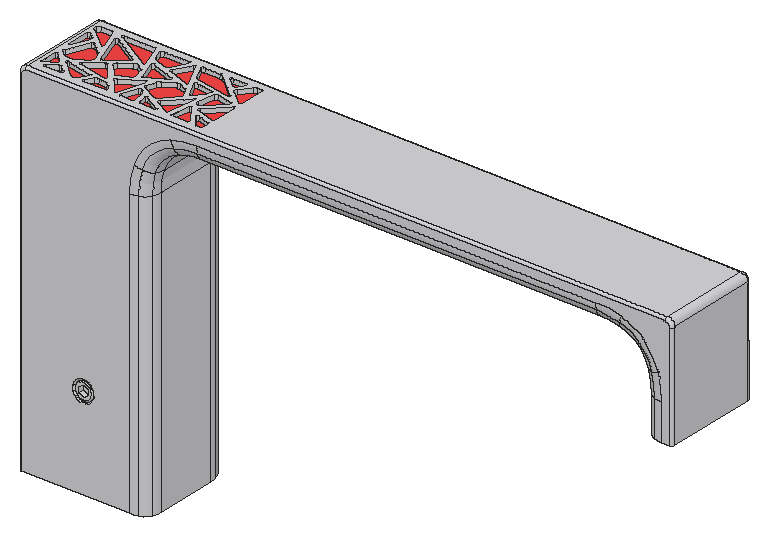
Revit family "Accessory-Tissue_Holder-KOHLER-STRAYT-K-37350X_1", category Specialty Equipment, host Face, Revit 2017
Family settings
  Host = Face
  Round Connector Dimension = Use Diameter
  Part Type = Normal
  OmniClass Number = 23.31.25.21
  OmniClass Title = Toilet Paper Dispensers
  Cut with Voids When Loaded = No
  Shared = No
  Room Calculation Point = No
Parameters (values of type "CP- Polished Chrome")
  Width = 6 97/256"  # constant formula
  WaterSense Certified = 1 = 0  # no
  URL = "https://www.kohler.co.th/"
  Type = 1
  Product Page URL = "https://www.kohler.co.th/productDetails/37350X?skuid=37350X-CP"
  Product Name = "STRAYT"  # constant formula
  Product Documentation Link = ""
  Model = "K-37350X-CP"  # constant formula
  Material = "Premium Metal Construction"  # constant formula
  Master Format 2014 Name = "Toilet, Bath, and Laundry Accessories"  # constant formula
  Master Format 2014 = "10 28 00"  # constant formula
  Manufacturer Address = "16th Floor, Jasmine City Building 2, Soi Sukhumvit 23, Sukhumvit Road, Khlong Toei Nuea, Watthana, Bangkok 10110"  # constant formula
  Manufacturer = "KOHLER Co."  # constant formula
  Length = 3 139/256"  # constant formula
  Height = 121/128"  # constant formula
  Finish = Kohler-Metal-CP-Polished_Chrome
  Environmental Product Declaration = ""
  Description = "Toilet paper holder"  # constant formula
  Default Elevation = 42"
  Declare Label = ""
  Date Modified = "08/27/2020"  # constant formula
  Date Created = "08/27/2020"  # constant formula
  Copyright = "Copyright KOHLER Co."  # constant formula
  Contact Us = "https://www.kohler.co.th/contact-us"
  Assembly Code = "C1030200"
  ADA Compliant = 1 = 0  # no
Reference planes (in)
  plane 1 "Center (Front/Back)": y = 0
  plane 2: z = 0
  plane 3 "Center (Left/Right)": x = 0
  plane 4: x = -3.18898
  plane 5: x = -1.92913
  plane 6: y = -0.47244
  plane 7: z = 3.54297
  plane 8: z = 2.44094
  plane 9: x = 3.18993
  plane 10: y = 0.47287
  plane 11: y = 0.44488
  plane 12: y = -0.44488
  plane 13: z = 3.43989
  plane 14: z = 3.26578
  plane 15: x = 3.08581
  plane 16: x = 2.9114
  plane 17: x = -2.10356
  plane 18: z = 3.51575
Dimensions and locks (in)
  level to plane 8 = 2.44094"
  plane 4 to plane 5 = 1.25984"
  "Width": plane 4 to plane 9
  "Length": plane 7 to level
  "Height": plane 10 to plane 6
  aligned and locked: plane 2 to host face
  aligned and locked: level to host face
Automatic sketch dimensions
  host sketch curve to host sketch curve = 96"  (x2)
Nested families (in)
  nested 1: "K-37350X" at (0, 0, 0), type "K-37350X"
Definition of nested family "K-37350X"
  Parameters (values of type "K-37350X")
    Material = none
  Reference planes (in)
    plane 1 "Center (Front/Back)": y = 0
    plane 2: z = 0
    plane 3 "Center (Left/Right)": x = 0
    plane 4: x = 3.18898
    plane 5: x = -3.18898
    plane 6: y = 0.47244
    plane 7: y = -0.47244
    plane 8: x = -1.92913
    plane 9: z = 3.54331
    plane 10: z = 2.44094
    plane 11: y = 0.44488
    plane 12: y = -0.44488
    plane 13: x = -3.16142
    plane 14: x = 3.16142
    plane 15: z = 3.51575
    plane 16: z = 3.43989
    plane 17: z = 3.26578
    plane 18: x = 3.08581
    plane 19: x = 2.9114
    plane 20: x = -2.10356
  Forms (in)
    Extrusion 1, solid, material <- "Material", detail levels medium+fine
      sketch origin (0, 0, 0) x (1, 0, 0) y (0, 0, 1)
        loop
          line (-3.16142, 3.47638) -> (-3.16142, 0) -> (-2.14766, 0) -> (-2.14766, 2.79667)
          arc (-2.14766, 2.79667) -> (-2.13656, 2.93642) -> (-2.10356, 3.07267) r 0.88577
          arc (-2.10356, 3.07267) -> (-1.95902, 3.30507) -> (-1.72362, 3.44468) r 0.57677
          arc (-1.72362, 3.44468) -> (-1.59176, 3.47442) -> (-1.45695, 3.48441) r 0.91487
          line (-1.45695, 3.48441) -> (2.44065, 3.48441)
          arc (2.44065, 3.48441) -> (2.57031, 3.47562) -> (2.69758, 3.44942) r 0.96078
          arc (2.69758, 3.44942) -> (2.94836, 3.30323) -> (3.09483, 3.05262) r 0.57087
          arc (3.09483, 3.05262) -> (3.12111, 2.92552) -> (3.12992, 2.79602) r 0.95565
          line (3.12992, 2.79602) -> (3.12992, 2.44094) -> (3.16142, 2.44094) -> (3.16142, 3.47638)
          arc (3.16142, 3.47638) -> (3.14989, 3.50422) -> (3.12205, 3.51575) r 0.03937
          line (3.12205, 3.51575) -> (-3.12205, 3.51575)
          arc (-3.12205, 3.51575) -> (-3.14989, 3.50422) -> (-3.16142, 3.47638) r 0.03937
      from -0.47244 to 0.47244
    Sweep 2, solid, material <- "Material", detail levels medium+fine
      path origin (0, 0, 0) x (1, 0, 0) y (0, 0, 1)
        loop
          line (-2.10828, 0) -> (-2.10828, 2.79667)
          arc (-2.10828, 2.79667) -> (-2.09768, 2.93021) -> (-2.06615, 3.0604) r 0.8464
          arc (-2.06615, 3.0604) -> (-1.93147, 3.27694) -> (-1.71214, 3.40702) r 0.5374
          arc (-1.71214, 3.40702) -> (-1.58596, 3.43548) -> (-1.45695, 3.44504) r 0.8755
          line (-1.45695, 3.44504) -> (2.44065, 3.44504)
          arc (2.44065, 3.44504) -> (2.56499, 3.43661) -> (2.68706, 3.41148) r 0.92141
          arc (2.68706, 3.41148) -> (2.92054, 3.27538) -> (3.0569, 3.04205) r 0.5315
          arc (3.0569, 3.04205) -> (3.0821, 2.92018) -> (3.09055, 2.79602) r 0.91628
          line (3.09055, 2.79602) -> (3.09055, 2.44094)
      profile origin (-2.10828, 0, 1.39834) x (-1, 0, 0) y (0, -1, 0)
        loop
          line (0.03937, 0.47244) -> (-0.00472, 0.47244)
          arc (-0.00472, 0.47244) -> (-0.04241, 0.46972) -> (-0.07931, 0.46162) r 0.26243
          arc (-0.07931, 0.46162) -> (-0.12757, 0.43524) -> (-0.16071, 0.39135) r 0.13071
          arc (-0.16071, 0.39135) -> (-0.17449, 0.35061) -> (-0.17915, 0.30787) r 0.19822
          line (-0.17915, 0.30787) -> (-0.17915, -0.29528)
          arc (-0.17915, -0.29528) -> (-0.17612, -0.33559) -> (-0.16708, -0.37499) r 0.26917
          arc (-0.16708, -0.37499) -> (-0.1341, -0.42925) -> (-0.07945, -0.46158) r 0.13071
          arc (-0.07945, -0.46158) -> (-0.04248, -0.46971) -> (-0.00472, -0.47244) r 0.26243
          line (-0.00472, -0.47244) -> (0.03937, -0.47244) -> (0.03937, 0.47244)
    Sweep 3, solid, material <- "Material", detail levels medium+fine
      path origin (0, 0, 0) x (1, 0, 0) y (0, 0, 1)
        loop
          line (3.16142, 2.44094) -> (3.16142, 3.47638)
          arc (3.16142, 3.47638) -> (3.14989, 3.50422) -> (3.12205, 3.51575) r 0.03937
          line (3.12205, 3.51575) -> (-3.12205, 3.51575)
          arc (-3.12205, 3.51575) -> (-3.14989, 3.50422) -> (-3.16142, 3.47638) r 0.03937
          line (-3.16142, 3.47638) -> (-3.16142, 0)
      profile origin (-3.16142, 0, 1.73819) x (0, -1, 0) y (1, 0, 0)
        loop
          arc (0.44488, -0.02756) -> (0.46437, -0.01949) -> (0.47244, 0) r 0.02756
          line (0.47244, 0) -> (0.47244, 0.03091) -> (-0.47244, 0.03091) -> (-0.47244, 0)
          arc (-0.47244, 0) -> (-0.46437, -0.01949) -> (-0.44488, -0.02756) r 0.02756
          line (-0.44488, -0.02756) -> (0.44488, -0.02756)
    Extrusion 4, void
      sketch origin (0, 0, 0) x (1, 0, 0) y (0, 0, 1)
        loop
          line (-2.60827, 0.93392) -> (-2.60827, 0.8771) -> (-2.55906, 0.84869) -> (-2.50984, 0.8771) -> (-2.50984, 0.93392) -> (-2.55906, 0.96234) -> (-2.60827, 0.93392)
      from 0.41339 to 0.47244
    Revolve 5, void
      sketch origin (-2.55906, 0, 0) x (0, 1, 0) y (0, 0, 1)
        loop
          line (-0.46034, 0.99631) -> (-0.48284, 1.01881) -> (-0.48284, 0.97381) -> (-0.46034, 0.99631)
        axis (-0.48284, 0.90551) -> (-0.44347, 0.90551)
      angle from 0 to 360
    Extrusion 6, solid, material <- "Material", detail levels coarse
      sketch origin (0, 0, 0) x (1, 0, 0) y (0, 0, 1)
        loop
          line (-3.18898, 3.54331) -> (-3.18898, 0) -> (-1.92913, 0) -> (-1.92913, 2.84418)
          arc (-1.92913, 2.84418) -> (-1.80565, 3.14229) -> (-1.50754, 3.26578) r 0.42159
          line (-1.50754, 3.26578) -> (2.5177, 3.26578)
          arc (2.5177, 3.26578) -> (2.79609, 3.15046) -> (2.9114, 2.87207) r 0.3937
          line (2.9114, 2.87207) -> (2.9114, 2.44094) -> (3.18898, 2.44094) -> (3.18898, 3.54331) -> (-3.18898, 3.54331)
      from -0.47244 to 0.47244
    Extrusion 7, void
      sketch origin (0, 0, 0) x (1, 0, 0) y (0, 1, 0)
        loop
          line (-1.49827, 0.37402) -> (-1.54479, 0.37402)
          arc (-1.54479, 0.37402) -> (-1.56089, 0.37003) -> (-1.57327, 0.359) r 0.0345
          line (-1.57327, 0.359) -> (-1.64309, 0.25698)
          arc (-1.64309, 0.25698) -> (-1.64822, 0.23586) -> (-1.63807, 0.21664) r 0.03068
          line (-1.63807, 0.21664) -> (-1.50603, 0.10018)
          arc (-1.50603, 0.10018) -> (-1.48688, 0.0973) -> (-1.47638, 0.11357) r 0.01785
          line (-1.47638, 0.11357) -> (-1.47638, 0.35213)
          arc (-1.47638, 0.35213) -> (-1.48279, 0.3676) -> (-1.49827, 0.37402) r 0.02189
        loop
          line (-1.789, 0.34976) -> (-1.70831, 0.27859)
          arc (-1.70831, 0.27859) -> (-1.68966, 0.27283) -> (-1.673, 0.28299) r 0.02375
          line (-1.673, 0.28299) -> (-1.62599, 0.35168)
          arc (-1.62599, 0.35168) -> (-1.62514, 0.3664) -> (-1.63777, 0.37402) r 0.01428
          line (-1.63777, 0.37402) -> (-1.77983, 0.37402)
          arc (-1.77983, 0.37402) -> (-1.7928, 0.36505) -> (-1.789, 0.34976) r 0.01386
        loop
          line (-1.61875, 0.1471) -> (-1.85737, 0.35756)
          arc (-1.85737, 0.35756) -> (-1.87763, 0.36976) -> (-1.90091, 0.37402) r 0.06582
          line (-1.90091, 0.37402) -> (-2.05174, 0.37402)
          arc (-2.05174, 0.37402) -> (-2.06901, 0.36431) -> (-2.06969, 0.3445) r 0.02022
          line (-2.06969, 0.3445) -> (-2.00213, 0.21403)
          arc (-2.00213, 0.21403) -> (-1.9915, 0.20145) -> (-1.97647, 0.19471) r 0.03711
          line (-1.97647, 0.19471) -> (-1.62965, 0.12513)
          arc (-1.62965, 0.12513) -> (-1.61577, 0.13194) -> (-1.61875, 0.1471) r 0.0127
        loop
          line (-1.54887, 0.06878) -> (-1.7041, 0.09991)
          arc (-1.7041, 0.09991) -> (-1.72226, 0.09607) -> (-1.73195, 0.08025) r 0.02348
          line (-1.73195, 0.08025) -> (-1.75503, -0.07978)
          arc (-1.75503, -0.07978) -> (-1.73569, -0.11668) -> (-1.69458, -0.10989) r 0.03556
          line (-1.69458, -0.10989) -> (-1.54148, 0.04454)
          arc (-1.54148, 0.04454) -> (-1.53794, 0.05886) -> (-1.54887, 0.06878) r 0.01439
        loop
          line (-1.84929, -0.03145) -> (-1.78775, 0.03571)
          arc (-1.78775, 0.03571) -> (-1.77866, 0.04923) -> (-1.77395, 0.06483) r 0.05466
          line (-1.77395, 0.06483) -> (-1.76707, 0.11255) -> (-1.94149, 0.14753)
          arc (-1.94149, 0.14753) -> (-1.95575, 0.14211) -> (-1.95702, 0.12692) r 0.01432
          line (-1.95702, 0.12692) -> (-1.87692, -0.02778)
          arc (-1.87692, -0.02778) -> (-1.86406, -0.03681) -> (-1.84929, -0.03145) r 0.017
        loop
          line (-1.98797, 0.10106) -> (-2.1146, 0.34562)
          arc (-2.1146, 0.34562) -> (-2.12772, 0.3536) -> (-2.14085, 0.34563) r 0.01478
          line (-2.14085, 0.34563) -> (-2.22471, 0.18399)
          arc (-2.22471, 0.18399) -> (-2.22551, 0.16889) -> (-2.21467, 0.15834) r 0.01831
          line (-2.21467, 0.15834) -> (-2.00432, 0.08241)
          arc (-2.00432, 0.08241) -> (-1.98978, 0.08616) -> (-1.98797, 0.10106) r 0.01332
        loop
          line (-2.2579, 0.2055) -> (-2.18342, 0.34908)
          arc (-2.18342, 0.34908) -> (-2.18398, 0.36581) -> (-2.19857, 0.37402) r 0.01708
          line (-2.19857, 0.37402) -> (-2.44708, 0.37402)
          arc (-2.44708, 0.37402) -> (-2.46399, 0.36529) -> (-2.46667, 0.34645) r 0.02075
          line (-2.46667, 0.34645) -> (-2.43546, 0.25676)
          arc (-2.43546, 0.25676) -> (-2.42437, 0.23896) -> (-2.4067, 0.22766) r 0.04756
          line (-2.4067, 0.22766) -> (-2.29985, 0.18909)
          arc (-2.29985, 0.18909) -> (-2.27579, 0.18941) -> (-2.2579, 0.2055) r 0.03419
        loop
          line (-2.06794, 0.04969) -> (-2.17579, -0.01274)
          arc (-2.17579, -0.01274) -> (-2.19072, -0.02565) -> (-2.19986, -0.04314) r 0.05277
          line (-2.19986, -0.04314) -> (-2.22415, -0.12346)
          arc (-2.22415, -0.12346) -> (-2.22347, -0.13865) -> (-2.21342, -0.15007) r 0.02291
          line (-2.21342, -0.15007) -> (-2.06225, -0.23484)
          arc (-2.06225, -0.23484) -> (-2.04582, -0.23777) -> (-2.03112, -0.22985) r 0.02538
          line (-2.03112, -0.22985) -> (-1.90797, -0.09548)
          arc (-1.90797, -0.09548) -> (-1.90049, -0.07944) -> (-1.90353, -0.06201) r 0.02948
          line (-1.90353, -0.06201) -> (-1.93497, -0.00128)
          arc (-1.93497, -0.00128) -> (-1.94857, 0.01608) -> (-1.96756, 0.02728) r 0.05941
          line (-1.96756, 0.02728) -> (-2.03724, 0.05244)
          arc (-2.03724, 0.05244) -> (-2.0529, 0.05446) -> (-2.06794, 0.04969) r 0.03652
        loop
          line (-1.81614, -0.05354) -> (-1.99364, -0.24723)
          arc (-1.99364, -0.24723) -> (-1.99827, -0.26267) -> (-1.98905, -0.27589) r 0.01852
          line (-1.98905, -0.27589) -> (-1.8562, -0.35039)
          arc (-1.8562, -0.35039) -> (-1.84103, -0.35079) -> (-1.83212, -0.33852) r 0.01628
          line (-1.83212, -0.33852) -> (-1.79263, -0.06467)
          arc (-1.79263, -0.06467) -> (-1.80027, -0.05043) -> (-1.81614, -0.05354) r 0.01361
        loop
          line (-1.76929, -0.17867) -> (-1.79426, -0.35178)
          arc (-1.79426, -0.35178) -> (-1.78971, -0.3673) -> (-1.775, -0.37402) r 0.01946
          line (-1.775, -0.37402) -> (-1.62949, -0.37402)
          arc (-1.62949, -0.37402) -> (-1.61258, -0.36354) -> (-1.61444, -0.34373) r 0.01888
          line (-1.61444, -0.34373) -> (-1.74437, -0.17224)
          arc (-1.74437, -0.17224) -> (-1.75897, -0.16716) -> (-1.76929, -0.17867) r 0.01395
        loop
          line (-1.63008, -0.25788) -> (-1.54209, -0.37402) -> (-1.49895, -0.37402)
          arc (-1.49895, -0.37402) -> (-1.48299, -0.36741) -> (-1.47638, -0.35145) r 0.02257
          line (-1.47638, -0.35145) -> (-1.47638, -0.30592)
          arc (-1.47638, -0.30592) -> (-1.48184, -0.28894) -> (-1.49619, -0.27833) r 0.02912
          line (-1.49619, -0.27833) -> (-1.61576, -0.23798)
          arc (-1.61576, -0.23798) -> (-1.63027, -0.24264) -> (-1.63008, -0.25788) r 0.01283
        loop
          line (-1.67329, -0.17701) -> (-1.49994, -0.23551)
          arc (-1.49994, -0.23551) -> (-1.48382, -0.23309) -> (-1.47638, -0.21859) r 0.01785
          line (-1.47638, -0.21859) -> (-1.47641, 0.02146)
          arc (-1.47641, 0.02146) -> (-1.48477, 0.03394) -> (-1.4995, 0.03096) r 0.0135
          line (-1.4995, 0.03096) -> (-1.67953, -0.15062)
          arc (-1.67953, -0.15062) -> (-1.68373, -0.16555) -> (-1.67329, -0.17701) r 0.01598
        loop
          line (-2.27367, -0.0694) -> (-2.46902, -0.18248)
          arc (-2.46902, -0.18248) -> (-2.4783, -0.19565) -> (-2.47433, -0.21126) r 0.01925
          line (-2.47433, -0.21126) -> (-2.3621, -0.34974)
          arc (-2.3621, -0.34974) -> (-2.34521, -0.35586) -> (-2.33189, -0.34381) r 0.01742
          line (-2.33189, -0.34381) -> (-2.25371, -0.08521)
          arc (-2.25371, -0.08521) -> (-2.25832, -0.07052) -> (-2.27367, -0.0694) r 0.01369
        loop
          arc (-2.13353, 0.05722) -> (-2.12504, 0.07359) -> (-2.13629, 0.08819) r 0.01715
          line (-2.13629, 0.08819) -> (-2.37939, 0.17595)
          arc (-2.37939, 0.17595) -> (-2.39628, 0.17223) -> (-2.40019, 0.15539) r 0.0162
          line (-2.40019, 0.15539) -> (-2.33511, -0.03162)
          arc (-2.33511, -0.03162) -> (-2.32302, -0.04397) -> (-2.3058, -0.04251) r 0.02028
          line (-2.3058, -0.04251) -> (-2.13353, 0.05722)
        loop
          arc (-2.4726, 0.08634) -> (-2.49534, 0.09186) -> (-2.5173, 0.08378) r 0.04018
          line (-2.5173, 0.08378) -> (-2.61471, 0.01)
          arc (-2.61471, 0.01) -> (-2.6261, -0.00983) -> (-2.61978, -0.0318) r 0.02929
          line (-2.61978, -0.0318) -> (-2.53066, -0.14176)
          arc (-2.53066, -0.14176) -> (-2.51179, -0.15297) -> (-2.49016, -0.14923) r 0.03169
          line (-2.49016, -0.14923) -> (-2.38237, -0.08683)
          arc (-2.38237, -0.08683) -> (-2.36978, -0.0719) -> (-2.36958, -0.05237) r 0.02886
          line (-2.36958, -0.05237) -> (-2.39744, 0.0277)
          arc (-2.39744, 0.0277) -> (-2.40627, 0.04347) -> (-2.41998, 0.05524) r 0.05173
          line (-2.41998, 0.05524) -> (-2.4726, 0.08634)
        loop
          line (-2.84327, 0.35112) -> (-2.45806, 0.12348)
          arc (-2.45806, 0.12348) -> (-2.44137, 0.12475) -> (-2.43682, 0.14087) r 0.01462
          line (-2.43682, 0.14087) -> (-2.51121, 0.35463)
          arc (-2.51121, 0.35463) -> (-2.52175, 0.36868) -> (-2.53848, 0.37402) r 0.02888
          line (-2.53848, 0.37402) -> (-2.83701, 0.37402)
          arc (-2.83701, 0.37402) -> (-2.84888, 0.36495) -> (-2.84327, 0.35112) r 0.01231
        loop
          line (-2.19155, -0.20747) -> (-2.22033, -0.19134)
          arc (-2.22033, -0.19134) -> (-2.23686, -0.19028) -> (-2.24804, -0.2025) r 0.01916
          line (-2.24804, -0.2025) -> (-2.29265, -0.35006)
          arc (-2.29265, -0.35006) -> (-2.28978, -0.36651) -> (-2.27486, -0.37402) r 0.01858
          line (-2.27486, -0.37402) -> (-2.16196, -0.37402)
          arc (-2.16196, -0.37402) -> (-2.14719, -0.36693) -> (-2.14347, -0.35099) r 0.01893
          line (-2.14347, -0.35099) -> (-2.16834, -0.23873)
          arc (-2.16834, -0.23873) -> (-2.17661, -0.22062) -> (-2.19155, -0.20747) r 0.04765
        loop
          line (-2.12037, -0.27326) -> (-2.10257, -0.3536)
          arc (-2.10257, -0.3536) -> (-2.09345, -0.36828) -> (-2.07714, -0.37402) r 0.02605
          line (-2.07714, -0.37402) -> (-1.94061, -0.37402)
          arc (-1.94061, -0.37402) -> (-1.92897, -0.36503) -> (-1.93473, -0.35149) r 0.01203
          line (-1.93473, -0.35149) -> (-2.10052, -0.25852)
          arc (-2.10052, -0.25852) -> (-2.11522, -0.25946) -> (-2.12037, -0.27326) r 0.01354
        loop
          line (-2.64034, -0.37402) -> (-2.42266, -0.37402)
          arc (-2.42266, -0.37402) -> (-2.40994, -0.36599) -> (-2.41171, -0.35105) r 0.01409
          line (-2.41171, -0.35105) -> (-2.44843, -0.30575)
          arc (-2.44843, -0.30575) -> (-2.46501, -0.29139) -> (-2.48553, -0.28361) r 0.0627
          line (-2.48553, -0.28361) -> (-2.57565, -0.26663)
          arc (-2.57565, -0.26663) -> (-2.59448, -0.26872) -> (-2.60893, -0.28099) r 0.0324
          line (-2.60893, -0.28099) -> (-2.65332, -0.35027)
          arc (-2.65332, -0.35027) -> (-2.65387, -0.36599) -> (-2.64034, -0.37402) r 0.01542
        loop
          line (-2.93155, -0.22227) -> (-2.78215, -0.36076)
          arc (-2.78215, -0.36076) -> (-2.74286, -0.37407) -> (-2.70674, -0.35364) r 0.05079
          line (-2.70674, -0.35364) -> (-2.65103, -0.27805)
          arc (-2.65103, -0.27805) -> (-2.64882, -0.2612) -> (-2.66192, -0.25037) r 0.01757
          line (-2.66192, -0.25037) -> (-2.9211, -0.20153)
          arc (-2.9211, -0.20153) -> (-2.93413, -0.20796) -> (-2.93155, -0.22227) r 0.01209
        loop
          line (-2.97444, -0.2362) -> (-3.0669, -0.15049)
          arc (-3.0669, -0.15049) -> (-3.0821, -0.14792) -> (-3.09055, -0.16082) r 0.01408
          line (-3.09055, -0.16082) -> (-3.09055, -0.3206)
          arc (-3.09055, -0.3206) -> (-3.08252, -0.3338) -> (-3.06709, -0.33273) r 0.01487
          line (-3.06709, -0.33273) -> (-2.97658, -0.26865)
          arc (-2.97658, -0.26865) -> (-2.96778, -0.25294) -> (-2.97444, -0.2362) r 0.02095
        loop
          line (-2.99647, -0.14726) -> (-2.93975, -0.15795)
          arc (-2.93975, -0.15795) -> (-2.91074, -0.1573) -> (-2.88449, -0.14495) r 0.07004
          line (-2.88449, -0.14495) -> (-2.79763, -0.07916)
          arc (-2.79763, -0.07916) -> (-2.78496, -0.06078) -> (-2.78573, -0.03846) r 0.0356
          line (-2.78573, -0.03846) -> (-2.81316, 0.03584) -> (-2.93553, 0.13728)
          arc (-2.93553, 0.13728) -> (-2.95544, 0.14201) -> (-2.9713, 0.12908) r 0.02311
          line (-2.9713, 0.12908) -> (-3.06364, -0.07321)
          arc (-3.06364, -0.07321) -> (-3.06565, -0.09061) -> (-3.0571, -0.1059) r 0.02846
          line (-3.0571, -0.1059) -> (-3.03155, -0.12957)
          arc (-3.03155, -0.12957) -> (-3.01526, -0.14089) -> (-2.99647, -0.14726) r 0.07094
        loop
          line (-2.52441, -0.212) -> (-2.65427, -0.05177)
          arc (-2.65427, -0.05177) -> (-2.67148, -0.04225) -> (-2.69046, -0.04738) r 0.02621
          line (-2.69046, -0.04738) -> (-2.83113, -0.15392)
          arc (-2.83113, -0.15392) -> (-2.83645, -0.1687) -> (-2.8251, -0.17956) r 0.0144
          line (-2.8251, -0.17956) -> (-2.5374, -0.23378)
          arc (-2.5374, -0.23378) -> (-2.5233, -0.22743) -> (-2.52441, -0.212) r 0.0135
        loop
          line (-2.86494, 0.28975) -> (-2.75279, -0.01401)
          arc (-2.75279, -0.01401) -> (-2.74012, -0.02583) -> (-2.72308, -0.0227) r 0.01927
          line (-2.72308, -0.0227) -> (-2.55306, 0.10608)
          arc (-2.55306, 0.10608) -> (-2.54621, 0.12091) -> (-2.55471, 0.13486) r 0.01735
          line (-2.55471, 0.13486) -> (-2.84499, 0.3064)
          arc (-2.84499, 0.3064) -> (-2.86084, 0.30512) -> (-2.86494, 0.28975) r 0.01379
        loop
          line (-3.09055, 0.23413) -> (-3.09055, 0.01634)
          arc (-3.09055, 0.01634) -> (-3.08136, 0.00493) -> (-3.06825, 0.01149) r 0.01168
          line (-3.06825, 0.01149) -> (-2.99912, 0.16294)
          arc (-2.99912, 0.16294) -> (-2.99729, 0.18094) -> (-3.00677, 0.19633) r 0.02817
          line (-3.00677, 0.19633) -> (-3.06618, 0.24558)
          arc (-3.06618, 0.24558) -> (-3.082, 0.24759) -> (-3.09055, 0.23413) r 0.01487
        loop
          line (-3.09055, 0.31692) -> (-2.87885, 0.14143)
          arc (-2.87885, 0.14143) -> (-2.86252, 0.14081) -> (-2.85768, 0.15642) r 0.01343
          line (-2.85768, 0.15642) -> (-2.92961, 0.35123)
          arc (-2.92961, 0.35123) -> (-2.94238, 0.36776) -> (-2.9623, 0.37402) r 0.03485
          line (-2.9623, 0.37402) -> (-3.06609, 0.37402)
          arc (-3.06609, 0.37402) -> (-3.08339, 0.36685) -> (-3.09055, 0.34955) r 0.02446
          line (-3.09055, 0.34955) -> (-3.09055, 0.31692)
        loop
          line (-2.94102, -0.29172) -> (-3.02439, -0.35074)
          arc (-3.02439, -0.35074) -> (-3.0292, -0.36509) -> (-3.01699, -0.37402) r 0.01282
          line (-3.01699, -0.37402) -> (-2.86015, -0.37402)
          arc (-2.86015, -0.37402) -> (-2.84759, -0.36545) -> (-2.85098, -0.35064) r 0.01349
          line (-2.85098, -0.35064) -> (-2.91252, -0.2936)
          arc (-2.91252, -0.2936) -> (-2.92644, -0.2876) -> (-2.94102, -0.29172) r 0.02266
      from 3.5 to 3.83116
  Cuts and joins
    Extrusion 4, Revolve 5, Extrusion 7 cuts Extrusion 1
    Extrusion 4, Extrusion 7 cuts Sweep 2
    Extrusion 4, Extrusion 7 cuts Sweep 3
    joined: Extrusion 1, Sweep 2, Sweep 3
  Lines and regions (in)
    Masking region 1
      outline origin (0, 0, 0) x (1, 0, 0) y (0, 1, 0)
        loop
          line (3.16142, 0.47244) -> (-3.16142, 0.47244)
          arc (-3.16142, 0.47244) -> (-3.1809, 0.46437) -> (-3.18898, 0.44488) r 0.02756
          line (-3.18898, 0.44488) -> (-3.18898, -0.44488)
          arc (-3.18898, -0.44488) -> (-3.1809, -0.46437) -> (-3.16142, -0.47244) r 0.02756
          line (-3.16142, -0.47244) -> (3.16142, -0.47244)
          arc (3.16142, -0.47244) -> (3.1809, -0.46437) -> (3.18898, -0.44488) r 0.02756
          line (3.18898, -0.44488) -> (3.18898, 0.44488)
          arc (3.18898, 0.44488) -> (3.1809, 0.46437) -> (3.16142, 0.47244) r 0.02756
    Masking region 2
      outline origin (0, 0, 0) x (1, 0, 0) y (0, 0, 1)
        loop
          line (-1.92913, 0) -> (-1.92913, 2.8327)
          arc (-1.92913, 2.8327) -> (-1.90485, 2.98345) -> (-1.83445, 3.11895) r 0.48001
          arc (-1.83445, 3.11895) -> (-1.79425, 3.16305) -> (-1.74607, 3.19826) r 0.29815
          arc (-1.74607, 3.19826) -> (-1.61254, 3.24865) -> (-1.47084, 3.26578) r 0.59476
          line (-1.47084, 3.26578) -> (2.5177, 3.26578)
          arc (2.5177, 3.26578) -> (2.79609, 3.15046) -> (2.9114, 2.87207) r 0.3937
          line (2.9114, 2.87207) -> (2.9114, 2.4685)
          arc (2.9114, 2.4685) -> (2.91947, 2.44902) -> (2.93896, 2.44094) r 0.02756
          line (2.93896, 2.44094) -> (3.16142, 2.44094)
          arc (3.16142, 2.44094) -> (3.1809, 2.44902) -> (3.18898, 2.4685) r 0.02756
          line (3.18898, 2.4685) -> (3.18898, 3.47638)
          arc (3.18898, 3.47638) -> (3.16937, 3.5237) -> (3.12205, 3.54331) r 0.06693
          line (3.12205, 3.54331) -> (-3.12205, 3.54331)
          arc (-3.12205, 3.54331) -> (-3.16937, 3.5237) -> (-3.18898, 3.47638) r 0.06693
          line (-3.18898, 3.47638) -> (-3.18898, 0) -> (-1.92913, 0)
    Masking region 3
      outline origin (0, 0, 0) x (0, 1, 0) y (0, 0, 1)
        loop
          arc (0.47244, 3.51575) -> (0.46437, 3.53524) -> (0.44488, 3.54331) r 0.02756
          line (0.44488, 3.54331) -> (-0.44488, 3.54331)
          arc (-0.44488, 3.54331) -> (-0.46437, 3.53524) -> (-0.47244, 3.51575) r 0.02756
          line (-0.47244, 3.51575) -> (-0.47244, 0) -> (0.47244, 0) -> (0.47244, 3.51575)
    symbolic lines, detail levels medium+fine
      curve 1: line (-3.16142, 0.44488, 0) -> (-3.16142, -0.44488, 0)
      curve 2: line (-3.16142, -0.44488, 0) -> (3.16142, -0.44488, 0)
      curve 3: line (3.16142, 0.44488, 0) -> (3.16142, -0.44488, 0)
      curve 4: line (-3.16142, 0.44488, 0) -> (3.16142, 0.44488, 0)
      curve 5: line (3.16142, 0, 2.4685) -> (3.16142, 0, 3.47638)
      curve 6: arc (3.16142, 0, 3.47638) -> (3.14989, 0, 3.50422) -> (3.12205, 0, 3.51575) r 0.03937
      curve 7: line (3.12205, 0, 3.51575) -> (-3.09961, 0, 3.51575)
      curve 8: arc (-3.09961, 0, 3.51575) -> (-3.14331, 0, 3.49764) -> (-3.16142, 0, 3.45394) r 0.06181
      curve 9: line (-3.16142, 0, 3.45394) -> (-3.16142, 0, 0)
      curve 10: line (-2.10356, 0, 0) -> (-2.10356, 0, 2.8327)
      curve 11: line (3.08581, 0, 2.4685) -> (3.08581, 0, 2.87207)
      curve 12: line (-1.49196, 0, 3.43989) -> (2.53585, 0, 3.43989)
      curve 13: arc (2.53585, 0, 3.43989) -> (2.92578, 0, 3.26732) -> (3.08581, 0, 2.87207) r 0.56811
      curve 14: arc (-1.83043, 0, 3.35095) -> (-1.66632, 0, 3.41493) -> (-1.49196, 0, 3.43989) r 0.76917
      curve 15: arc (-2.10354, 0, 2.8327) -> (-2.07043, 0, 3.03823) -> (-1.97445, 0, 3.22295) r 0.65442
      curve 16: arc (-1.97445, 0, 3.22295) -> (-1.90903, 0, 3.29437) -> (-1.83043, 0, 3.35095) r 0.47256
      curve 17: line (2.9114, 0, 2.4685) -> (3.18898, 0, 2.4685)
      curve 18: line (0, 0.44488, 0) -> (0, 0.44488, 3.51575)
      curve 19: line (0, 0.44488, 3.51575) -> (0, -0.44488, 3.51575)
      curve 20: line (0, -0.44488, 3.51575) -> (0, -0.44488, 0)
      curve 21: line (0, -0.47244, 2.44094) -> (0, 0.47244, 2.44094)
      curve 22: line (-3.06609, 0.37402, 0) -> (-2.9623, 0.37402, 0)
      curve 23: arc (-2.9623, 0.37402, 0) -> (-2.94238, 0.36776, 0) -> (-2.92961, 0.35123, 0) r 0.03485
      curve 24: line (-2.92961, 0.35123, 0) -> (-2.85768, 0.15642, 0)
      curve 25: arc (-2.85768, 0.15642, 0) -> (-2.86252, 0.14081, 0) -> (-2.87885, 0.14143, 0) r 0.01343
      curve 26: line (-2.87885, 0.14143, 0) -> (-3.09055, 0.31692, 0)
      curve 27: line (-3.09055, 0.31692, 0) -> (-3.09055, 0.34955, 0)
      curve 28: arc (-3.09055, 0.34955, 0) -> (-3.08339, 0.36685, 0) -> (-3.06609, 0.37402, 0) r 0.02446
      curve 29: line (-2.83701, 0.37402, 0) -> (-2.53848, 0.37402, 0)
      curve 30: arc (-2.53848, 0.37402, 0) -> (-2.52175, 0.36868, 0) -> (-2.51121, 0.35463, 0) r 0.02888
      curve 31: line (-2.51121, 0.35463, 0) -> (-2.43682, 0.14087, 0)
      curve 32: arc (-2.43682, 0.14087, 0) -> (-2.44137, 0.12475, 0) -> (-2.45806, 0.12348, 0) r 0.01462
      curve 33: line (-2.45806, 0.12348, 0) -> (-2.84327, 0.35112, 0)
      curve 34: arc (-2.84327, 0.35112, 0) -> (-2.84888, 0.36495, 0) -> (-2.83701, 0.37402, 0) r 0.01231
      curve 35: line (-2.84499, 0.3064, 0) -> (-2.55471, 0.13486, 0)
      curve 36: arc (-2.55471, 0.13486, 0) -> (-2.54621, 0.12091, 0) -> (-2.55306, 0.10608, 0) r 0.01735
      curve 37: line (-2.55306, 0.10608, 0) -> (-2.72308, -0.0227, 0)
      curve 38: arc (-2.72308, -0.0227, 0) -> (-2.74012, -0.02583, 0) -> (-2.75279, -0.01401, 0) r 0.01927
      curve 39: line (-2.75279, -0.01401, 0) -> (-2.86494, 0.28975, 0)
      curve 40: arc (-2.86494, 0.28975, 0) -> (-2.86084, 0.30512, 0) -> (-2.84499, 0.3064, 0) r 0.01379
      curve 41: line (-3.06618, 0.24558, 0) -> (-3.00677, 0.19633, 0)
      curve 42: arc (-3.00677, 0.19633, 0) -> (-2.99729, 0.18094, 0) -> (-2.99912, 0.16294, 0) r 0.02817
      curve 43: line (-2.99912, 0.16294, 0) -> (-3.06825, 0.01149, 0)
      curve 44: arc (-3.06825, 0.01149, 0) -> (-3.08136, 0.00493, 0) -> (-3.09055, 0.01634, 0) r 0.01168
      curve 45: line (-3.09055, 0.01634, 0) -> (-3.09055, 0.23413, 0)
      curve 46: arc (-3.09055, 0.23413, 0) -> (-3.082, 0.24759, 0) -> (-3.06618, 0.24558, 0) r 0.01487
      curve 47: line (-3.06364, -0.07321, 0) -> (-2.9713, 0.12908, 0)
      curve 48: arc (-2.9713, 0.12908, 0) -> (-2.95544, 0.14201, 0) -> (-2.93553, 0.13728, 0) r 0.02311
      curve 49: line (-2.93553, 0.13728, 0) -> (-2.81316, 0.03584, 0)
      curve 50: line (-2.81316, 0.03584, 0) -> (-2.78573, -0.03846, 0)
      curve 51: arc (-2.78573, -0.03846, 0) -> (-2.78496, -0.06078, 0) -> (-2.79763, -0.07916, 0) r 0.0356
      curve 52: line (-2.79763, -0.07916, 0) -> (-2.88449, -0.14495, 0)
      curve 53: arc (-2.88449, -0.14495, 0) -> (-2.91074, -0.1573, 0) -> (-2.93975, -0.15795, 0) r 0.07004
      curve 54: line (-2.93975, -0.15795, 0) -> (-2.99647, -0.14726, 0)
      curve 55: arc (-2.99647, -0.14726, 0) -> (-3.01526, -0.14089, 0) -> (-3.03155, -0.12957, 0) r 0.07094
      curve 56: line (-3.03155, -0.12957, 0) -> (-3.0571, -0.1059, 0)
      curve 57: arc (-3.0571, -0.1059, 0) -> (-3.06565, -0.09061, 0) -> (-3.06364, -0.07321, 0) r 0.02846
      curve 58: line (-3.09055, -0.3206, 0) -> (-3.09055, -0.16082, 0)
      curve 59: arc (-3.09055, -0.16082, 0) -> (-3.0821, -0.14792, 0) -> (-3.0669, -0.15049, 0) r 0.01408
      curve 60: line (-3.0669, -0.15049, 0) -> (-2.97444, -0.2362, 0)
      curve 61: arc (-2.97444, -0.2362, 0) -> (-2.96778, -0.25294, 0) -> (-2.97658, -0.26865, 0) r 0.02095
      curve 62: line (-2.97658, -0.26865, 0) -> (-3.06709, -0.33273, 0)
      curve 63: arc (-3.06709, -0.33273, 0) -> (-3.08252, -0.3338, 0) -> (-3.09055, -0.3206, 0) r 0.01487
      curve 64: line (-3.02439, -0.35074, 0) -> (-2.94102, -0.29172, 0)
      curve 65: arc (-2.94102, -0.29172, 0) -> (-2.92644, -0.2876, 0) -> (-2.91252, -0.2936, 0) r 0.02266
      curve 66: line (-2.91252, -0.2936, 0) -> (-2.85098, -0.35064, 0)
      curve 67: arc (-2.85098, -0.35064, 0) -> (-2.84759, -0.36545, 0) -> (-2.86015, -0.37402, 0) r 0.01349
      curve 68: line (-2.86015, -0.37402, 0) -> (-3.01699, -0.37402, 0)
      curve 69: arc (-3.01699, -0.37402, 0) -> (-3.0292, -0.36509, 0) -> (-3.02439, -0.35074, 0) r 0.01282
      curve 70: line (-2.78215, -0.36076, 0) -> (-2.93155, -0.22227, 0)
      curve 71: arc (-2.93155, -0.22227, 0) -> (-2.93413, -0.20796, 0) -> (-2.9211, -0.20153, 0) r 0.01209
      curve 72: line (-2.9211, -0.20153, 0) -> (-2.66192, -0.25037, 0)
      curve 73: arc (-2.66192, -0.25037, 0) -> (-2.64882, -0.2612, 0) -> (-2.65103, -0.27805, 0) r 0.01757
      curve 74: line (-2.65103, -0.27805, 0) -> (-2.70674, -0.35364, 0)
      curve 75: arc (-2.70674, -0.35364, 0) -> (-2.74286, -0.37407, 0) -> (-2.78215, -0.36076, 0) r 0.05079
      curve 76: line (-2.42266, -0.37402, 0) -> (-2.64034, -0.37402, 0)
      curve 77: arc (-2.64034, -0.37402, 0) -> (-2.65387, -0.36599, 0) -> (-2.65332, -0.35027, 0) r 0.01542
      curve 78: line (-2.65332, -0.35027, 0) -> (-2.60893, -0.28099, 0)
      curve 79: arc (-2.60893, -0.28099, 0) -> (-2.59448, -0.26872, 0) -> (-2.57565, -0.26663, 0) r 0.0324
      curve 80: line (-2.57565, -0.26663, 0) -> (-2.48553, -0.28361, 0)
      curve 81: arc (-2.48553, -0.28361, 0) -> (-2.46501, -0.29139, 0) -> (-2.44843, -0.30575, 0) r 0.0627
      curve 82: line (-2.44843, -0.30575, 0) -> (-2.41171, -0.35105, 0)
      curve 83: arc (-2.41171, -0.35105, 0) -> (-2.40994, -0.36599, 0) -> (-2.42266, -0.37402, 0) r 0.01409
      curve 84: line (-2.5374, -0.23378, 0) -> (-2.8251, -0.17956, 0)
      curve 85: arc (-2.8251, -0.17956, 0) -> (-2.83645, -0.1687, 0) -> (-2.83113, -0.15392, 0) r 0.0144
      curve 86: line (-2.83113, -0.15392, 0) -> (-2.69046, -0.04738, 0)
      curve 87: arc (-2.69046, -0.04738, 0) -> (-2.67148, -0.04225, 0) -> (-2.65427, -0.05177, 0) r 0.02621
      curve 88: line (-2.65427, -0.05177, 0) -> (-2.52441, -0.212, 0)
      curve 89: arc (-2.52441, -0.212, 0) -> (-2.5233, -0.22743, 0) -> (-2.5374, -0.23378, 0) r 0.0135
      curve 90: line (-2.53066, -0.14176, 0) -> (-2.61978, -0.0318, 0)
      curve 91: arc (-2.61978, -0.0318, 0) -> (-2.6261, -0.00983, 0) -> (-2.61471, 0.01, 0) r 0.02929
      curve 92: line (-2.61471, 0.01, 0) -> (-2.5173, 0.08378, 0)
      curve 93: arc (-2.5173, 0.08378, 0) -> (-2.49534, 0.09186, 0) -> (-2.4726, 0.08634, 0) r 0.04018
      curve 94: line (-2.4726, 0.08634, 0) -> (-2.41998, 0.05524, 0)
      curve 95: arc (-2.41998, 0.05524, 0) -> (-2.40627, 0.04347, 0) -> (-2.39744, 0.0277, 0) r 0.05173
      curve 96: line (-2.39744, 0.0277, 0) -> (-2.36958, -0.05237, 0)
      curve 97: arc (-2.36958, -0.05237, 0) -> (-2.36978, -0.0719, 0) -> (-2.38237, -0.08683, 0) r 0.02886
      curve 98: line (-2.38237, -0.08683, 0) -> (-2.49016, -0.14923, 0)
      curve 99: arc (-2.49016, -0.14923, 0) -> (-2.51179, -0.15297, 0) -> (-2.53066, -0.14176, 0) r 0.03169
      curve 100: line (-2.46902, -0.18248, 0) -> (-2.27367, -0.0694, 0)
      curve 101: arc (-2.27367, -0.0694, 0) -> (-2.25832, -0.07052, 0) -> (-2.25371, -0.08521, 0) r 0.01369
      curve 102: line (-2.25371, -0.08521, 0) -> (-2.33189, -0.34381, 0)
      curve 103: arc (-2.33189, -0.34381, 0) -> (-2.34521, -0.35586, 0) -> (-2.3621, -0.34974, 0) r 0.01742
      curve 104: line (-2.3621, -0.34974, 0) -> (-2.47433, -0.21126, 0)
      curve 105: arc (-2.47433, -0.21126, 0) -> (-2.4783, -0.19565, 0) -> (-2.46902, -0.18248, 0) r 0.01925
      curve 106: line (-2.29265, -0.35006, 0) -> (-2.24804, -0.2025, 0)
      curve 107: arc (-2.24804, -0.2025, 0) -> (-2.23686, -0.19028, 0) -> (-2.22033, -0.19134, 0) r 0.01916
      curve 108: line (-2.22033, -0.19134, 0) -> (-2.19155, -0.20747, 0)
      curve 109: arc (-2.19155, -0.20747, 0) -> (-2.17661, -0.22062, 0) -> (-2.16834, -0.23873, 0) r 0.04765
      curve 110: line (-2.16834, -0.23873, 0) -> (-2.14347, -0.35099, 0)
      curve 111: arc (-2.14347, -0.35099, 0) -> (-2.14719, -0.36693, 0) -> (-2.16196, -0.37402, 0) r 0.01893
      curve 112: line (-2.16196, -0.37402, 0) -> (-2.27486, -0.37402, 0)
      curve 113: arc (-2.27486, -0.37402, 0) -> (-2.28978, -0.36651, 0) -> (-2.29265, -0.35006, 0) r 0.01858
      curve 114: line (-2.33511, -0.03162, 0) -> (-2.40019, 0.15539, 0)
      curve 115: arc (-2.40019, 0.15539, 0) -> (-2.39628, 0.17223, 0) -> (-2.37939, 0.17595, 0) r 0.0162
      curve 116: line (-2.37939, 0.17595, 0) -> (-2.13629, 0.08819, 0)
      curve 117: arc (-2.13629, 0.08819, 0) -> (-2.12504, 0.07359, 0) -> (-2.13353, 0.05722, 0) r 0.01715
      curve 118: line (-2.13353, 0.05722, 0) -> (-2.3058, -0.04251, 0)
      curve 119: arc (-2.3058, -0.04251, 0) -> (-2.32302, -0.04397, 0) -> (-2.33511, -0.03162, 0) r 0.02028
      curve 120: line (-2.29985, 0.18909, 0) -> (-2.4067, 0.22766, 0)
      curve 121: arc (-2.4067, 0.22766, 0) -> (-2.42437, 0.23896, 0) -> (-2.43546, 0.25676, 0) r 0.04756
      curve 122: line (-2.43546, 0.25676, 0) -> (-2.46667, 0.34645, 0)
      curve 123: arc (-2.46667, 0.34645, 0) -> (-2.46399, 0.36529, 0) -> (-2.44708, 0.37402, 0) r 0.02075
      curve 124: line (-2.44708, 0.37402, 0) -> (-2.19857, 0.37402, 0)
      curve 125: arc (-2.19857, 0.37402, 0) -> (-2.18398, 0.36581, 0) -> (-2.18342, 0.34908, 0) r 0.01708
      curve 126: line (-2.18342, 0.34908, 0) -> (-2.2579, 0.2055, 0)
      curve 127: arc (-2.2579, 0.2055, 0) -> (-2.27579, 0.18941, 0) -> (-2.29985, 0.18909, 0) r 0.03419
      curve 128: line (-2.22471, 0.18399, 0) -> (-2.14085, 0.34563, 0)
      curve 129: arc (-2.14085, 0.34563, 0) -> (-2.12772, 0.3536, 0) -> (-2.1146, 0.34562, 0) r 0.01478
      curve 130: line (-2.1146, 0.34562, 0) -> (-1.98797, 0.10106, 0)
      curve 131: arc (-1.98797, 0.10106, 0) -> (-1.98978, 0.08616, 0) -> (-2.00432, 0.08241, 0) r 0.01332
      curve 132: line (-2.00432, 0.08241, 0) -> (-2.21467, 0.15834, 0)
      curve 133: arc (-2.21467, 0.15834, 0) -> (-2.22551, 0.16889, 0) -> (-2.22471, 0.18399, 0) r 0.01831
      curve 134: line (-2.17579, -0.01274, 0) -> (-2.06794, 0.04969, 0)
      curve 135: arc (-2.06794, 0.04969, 0) -> (-2.0529, 0.05446, 0) -> (-2.03724, 0.05244, 0) r 0.03652
      curve 136: line (-2.03724, 0.05244, 0) -> (-1.96756, 0.02728, 0)
      curve 137: arc (-1.96756, 0.02728, 0) -> (-1.94857, 0.01608, 0) -> (-1.93497, -0.00128, 0) r 0.05941
      curve 138: line (-1.93497, -0.00128, 0) -> (-1.90353, -0.06201, 0)
      curve 139: arc (-1.90353, -0.06201, 0) -> (-1.90049, -0.07944, 0) -> (-1.90797, -0.09548, 0) r 0.02948
      curve 140: line (-1.90797, -0.09548, 0) -> (-2.03112, -0.22985, 0)
      curve 141: arc (-2.03112, -0.22985, 0) -> (-2.04582, -0.23777, 0) -> (-2.06225, -0.23484, 0) r 0.02538
      curve 142: line (-2.06225, -0.23484, 0) -> (-2.21342, -0.15007, 0)
      curve 143: arc (-2.21342, -0.15007, 0) -> (-2.22347, -0.13865, 0) -> (-2.22415, -0.12346, 0) r 0.02291
      curve 144: line (-2.22415, -0.12346, 0) -> (-2.19986, -0.04314, 0)
      curve 145: arc (-2.19986, -0.04314, 0) -> (-2.19072, -0.02565, 0) -> (-2.17579, -0.01274, 0) r 0.05277
      curve 146: line (-2.10052, -0.25852, 0) -> (-1.93473, -0.35149, 0)
      curve 147: arc (-1.93473, -0.35149, 0) -> (-1.92897, -0.36503, 0) -> (-1.94061, -0.37402, 0) r 0.01203
      curve 148: line (-1.94061, -0.37402, 0) -> (-2.07714, -0.37402, 0)
      curve 149: arc (-2.07714, -0.37402, 0) -> (-2.09345, -0.36828, 0) -> (-2.10257, -0.3536, 0) r 0.02605
      curve 150: line (-2.10257, -0.3536, 0) -> (-2.12037, -0.27326, 0)
      curve 151: arc (-2.12037, -0.27326, 0) -> (-2.11522, -0.25946, 0) -> (-2.10052, -0.25852, 0) r 0.01354
      curve 152: line (-1.79263, -0.06467, 0) -> (-1.83212, -0.33852, 0)
      curve 153: arc (-1.83212, -0.33852, 0) -> (-1.84103, -0.35079, 0) -> (-1.8562, -0.35039, 0) r 0.01628
      curve 154: line (-1.8562, -0.35039, 0) -> (-1.98905, -0.27589, 0)
      curve 155: arc (-1.98905, -0.27589, 0) -> (-1.99827, -0.26267, 0) -> (-1.99364, -0.24723, 0) r 0.01852
      curve 156: line (-1.99364, -0.24723, 0) -> (-1.81614, -0.05354, 0)
      curve 157: arc (-1.81614, -0.05354, 0) -> (-1.80027, -0.05043, 0) -> (-1.79263, -0.06467, 0) r 0.01361
      curve 158: line (-1.79426, -0.35178, 0) -> (-1.76929, -0.17867, 0)
      curve 159: arc (-1.76929, -0.17867, 0) -> (-1.75897, -0.16716, 0) -> (-1.74437, -0.17224, 0) r 0.01395
      curve 160: line (-1.74437, -0.17224, 0) -> (-1.61444, -0.34373, 0)
      curve 161: arc (-1.61444, -0.34373, 0) -> (-1.61258, -0.36354, 0) -> (-1.62949, -0.37402, 0) r 0.01888
      curve 162: line (-1.62949, -0.37402, 0) -> (-1.775, -0.37402, 0)
      curve 163: arc (-1.775, -0.37402, 0) -> (-1.78971, -0.3673, 0) -> (-1.79426, -0.35178, 0) r 0.01946
      curve 164: line (-1.61576, -0.23798, 0) -> (-1.49619, -0.27833, 0)
      curve 165: arc (-1.49619, -0.27833, 0) -> (-1.48184, -0.28894, 0) -> (-1.47638, -0.30592, 0) r 0.02912
      curve 166: line (-1.47638, -0.30592, 0) -> (-1.47638, -0.35145, 0)
      curve 167: arc (-1.47638, -0.35145, 0) -> (-1.48299, -0.36741, 0) -> (-1.49895, -0.37402, 0) r 0.02257
      curve 168: line (-1.49895, -0.37402, 0) -> (-1.54209, -0.37402, 0)
      curve 169: line (-1.54209, -0.37402, 0) -> (-1.63008, -0.25788, 0)
      curve 170: arc (-1.63008, -0.25788, 0) -> (-1.63027, -0.24264, 0) -> (-1.61576, -0.23798, 0) r 0.01283
      curve 171: line (-1.49994, -0.23551, 0) -> (-1.67329, -0.17701, 0)
      curve 172: arc (-1.67329, -0.17701, 0) -> (-1.68373, -0.16555, 0) -> (-1.67953, -0.15062, 0) r 0.01598
      curve 173: line (-1.67953, -0.15062, 0) -> (-1.4995, 0.03096, 0)
      curve 174: arc (-1.4995, 0.03096, 0) -> (-1.48477, 0.03394, 0) -> (-1.47641, 0.02146, 0) r 0.0135
      curve 175: line (-1.47641, 0.02146, 0) -> (-1.47638, -0.21859, 0)
      curve 176: arc (-1.47638, -0.21859, 0) -> (-1.48382, -0.23309, 0) -> (-1.49994, -0.23551, 0) r 0.01785
      curve 177: line (-1.54148, 0.04454, 0) -> (-1.69458, -0.10989, 0)
      curve 178: arc (-1.69458, -0.10989, 0) -> (-1.73569, -0.11668, 0) -> (-1.75503, -0.07978, 0) r 0.03556
      curve 179: line (-1.75503, -0.07978, 0) -> (-1.73195, 0.08025, 0)
      curve 180: arc (-1.73195, 0.08025, 0) -> (-1.72226, 0.09607, 0) -> (-1.7041, 0.09991, 0) r 0.02348
      curve 181: line (-1.7041, 0.09991, 0) -> (-1.54887, 0.06878, 0)
      curve 182: arc (-1.54887, 0.06878, 0) -> (-1.53794, 0.05886, 0) -> (-1.54148, 0.04454, 0) r 0.01439
      curve 183: line (-1.78775, 0.03571, 0) -> (-1.84929, -0.03145, 0)
      curve 184: arc (-1.84929, -0.03145, 0) -> (-1.86406, -0.03681, 0) -> (-1.87692, -0.02778, 0) r 0.017
      curve 185: line (-1.87692, -0.02778, 0) -> (-1.95702, 0.12692, 0)
      curve 186: arc (-1.95702, 0.12692, 0) -> (-1.95575, 0.14211, 0) -> (-1.94149, 0.14753, 0) r 0.01432
      curve 187: line (-1.94149, 0.14753, 0) -> (-1.76707, 0.11255, 0)
      curve 188: line (-1.76707, 0.11255, 0) -> (-1.77395, 0.06483, 0)
      curve 189: arc (-1.77395, 0.06483, 0) -> (-1.77866, 0.04923, 0) -> (-1.78775, 0.03571, 0) r 0.05466
      curve 190: line (-1.62965, 0.12513, 0) -> (-1.97647, 0.19471, 0)
      curve 191: arc (-1.97647, 0.19471, 0) -> (-1.9915, 0.20145, 0) -> (-2.00213, 0.21403, 0) r 0.03711
      curve 192: line (-2.00213, 0.21403, 0) -> (-2.06969, 0.3445, 0)
      curve 193: arc (-2.06969, 0.3445, 0) -> (-2.06901, 0.36431, 0) -> (-2.05174, 0.37402, 0) r 0.02022
      curve 194: line (-2.05174, 0.37402, 0) -> (-1.90091, 0.37402, 0)
      curve 195: arc (-1.90091, 0.37402, 0) -> (-1.87763, 0.36976, 0) -> (-1.85737, 0.35756, 0) r 0.06582
      curve 196: line (-1.85737, 0.35756, 0) -> (-1.61875, 0.1471, 0)
      curve 197: arc (-1.61875, 0.1471, 0) -> (-1.61577, 0.13194, 0) -> (-1.62965, 0.12513, 0) r 0.0127
      curve 198: line (-1.50603, 0.10018, 0) -> (-1.63807, 0.21664, 0)
      curve 199: arc (-1.63807, 0.21664, 0) -> (-1.64822, 0.23586, 0) -> (-1.64309, 0.25698, 0) r 0.03068
      curve 200: line (-1.64309, 0.25698, 0) -> (-1.57327, 0.359, 0)
      curve 201: arc (-1.57327, 0.359, 0) -> (-1.56089, 0.37003, 0) -> (-1.54479, 0.37402, 0) r 0.0345
      curve 202: line (-1.54479, 0.37402, 0) -> (-1.49827, 0.37402, 0)
      curve 203: arc (-1.49827, 0.37402, 0) -> (-1.48279, 0.3676, 0) -> (-1.47638, 0.35213, 0) r 0.02189
      curve 204: line (-1.47638, 0.35213, 0) -> (-1.47638, 0.11357, 0)
      curve 205: arc (-1.47638, 0.11357, 0) -> (-1.48688, 0.0973, 0) -> (-1.50603, 0.10018, 0) r 0.01785
      curve 206: line (-1.77983, 0.37402, 0) -> (-1.63777, 0.37402, 0)
      curve 207: arc (-1.63777, 0.37402, 0) -> (-1.62514, 0.3664, 0) -> (-1.62599, 0.35168, 0) r 0.01428
      curve 208: line (-1.62599, 0.35168, 0) -> (-1.673, 0.28299, 0)
      curve 209: arc (-1.673, 0.28299, 0) -> (-1.68966, 0.27283, 0) -> (-1.70831, 0.27859, 0) r 0.02375
      curve 210: line (-1.70831, 0.27859, 0) -> (-1.789, 0.34976, 0)
      curve 211: arc (-1.789, 0.34976, 0) -> (-1.7928, 0.36505, 0) -> (-1.77983, 0.37402, 0) r 0.01386
  Dimensions and locks (in)
    aligned and locked: plane 2 to level
